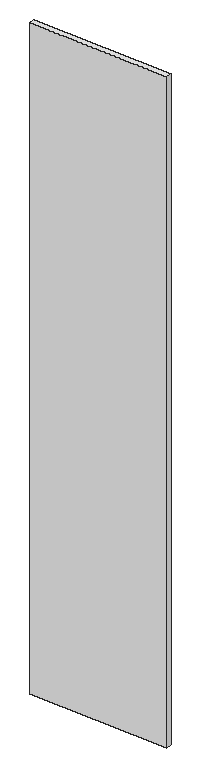
Revit family "M_Placa de empuxe", category Portas, Revit 2019
Family settings
  Com base no plano de trabalho = Não
  Sempre na vertical = Sim
  Corte com vazios quando carregada = Não
  Compartilhado = Não
  Ponto de cálculo do ambiente = Não
Parameters (values of type "80 x 350mm")
  Largura = 80 mm
  Material = Alumín. 1
  Altura = 350 mm
  Distância Z da maçaneta = 0 mm
  Distância X da maçaneta = 80 mm
  Assembly Code = ""
  Construção analítica = "<Nenhum>"
Reference planes
  plane 1 "Centro (Frente/Trás)": y = 0
  plane 2: z = 0
  plane 3 "Centro (Esquerda/Direita)": x = 147.5
  plane 4: z = 0
  plane 5 "Maçaneta C/L": x = 227.5
Forms (mm)
  Extrusion 1, solid, material "Alumín. 1" <- "Material"
    sketch origin (300, 0, 0) x (1, 0, 0) y (0, 0, -1)
      loop
        line (-112.5, -175) -> (-32.5, -175) -> (-32.5, 175) -> (-112.5, 175) -> (-112.5, -175)
    from 0 to 3.175
Dimensions and locks
  "Distância Z da maçaneta": plane 4 to level
  "Largura": Extrusion 1 sketch curve to Extrusion 1 sketch curve
  equal spacing: Extrusion 1 sketch curve, plane 4, Extrusion 1 sketch curve
  "Distância X da maçaneta": plane 5 "Maçaneta C/L" to plane 3 "Centro (Esquerda/Direita)"
  equal spacing: Extrusion 1 sketch curve, plane 5 "Maçaneta C/L", Extrusion 1 sketch curve
  "Altura": Extrusion 1 sketch curve to Extrusion 1 sketch curve
